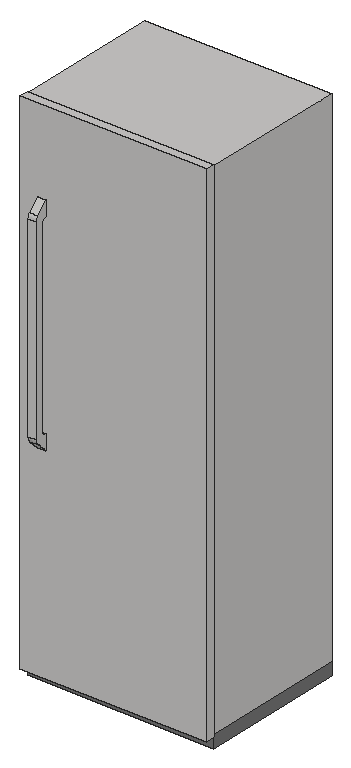
Revit family "DRR30980RAP", category Specialty Equipment, Revit 2014
Parameters (values of type "DRR30980RAP")
  iQ RemoteView™ Camera = "Yes (2 ea)"
  Width = 29 3/4"
  Volts (V) = "115"
  Unit = Stainless Steel
  Total Unit Gross Capacity (cu.ft.) - AHAM = "17.8 cu. ft."
  Support = Plastic-Black
  Special Modes = "Sabbath Mode"
  Shelf Material = "Tempered, Metal Trim, Spill-Proof"
  Refrigerator Gross Capacity (cu.ft.) = "17.8 cu. ft."
  Refrigerator - Power Cool = "34°F (1°C)"
  Refrigerator = "34°F (1°C) to 44°F (7°C)"
  Push-To-Open™ Door Assist = "Yes"
  Precise Cooling = "Yes"
  Power Cord Length (in.) = "78 3/4\""
  Power Cool = "Yes"
  Plug Type = "120 V, 3 Prong"
  Panel Ready = "Yes"
  Model = "DRR30980RAP"
  Manufacturer = "Dacor"
  Lighting = "3DLighting™"
  Internal Water Dispenser = "Yes"
  Interior Material = "SteelCool™ Stainless Steel Interior"
  Height = 83 3/8"
  Handle = Stainless Steel
  Full Width Shelves = "4 ea"
  Full Extension Drawers at 90º Door Opening Angle = "Yes"
  FreshZone™ Drawer = "Yes - Cheese (37°F) / Cold Drinks (33°F) / Meat (29°F)"
  Frequency (Hz) = "60"
  ENERGY STAR® Qualified = "Yes"
  Door Swing = "Right"
  Door Open Alarm = "Yes"
  Door Bins = "4 ea"
  Door = Stainless Steel
  Description = "30-INCH REFRIGERATOR COLUMN, RIGHT-HINGE"
  Depth = 25"
  Deodorizing Filter = "Yes"
  Dedicated Evaporator & Compressor System = "Yes"
  Current (A) = "3"
  Crisper Drawers = "2 ea"
  Annual Energy Consumption = "280 kWy/year"
Reference planes (in)
  plane 1 "Center (Front/Back)": y = 0
  plane 2: z = 0
  plane 3 "Center (Left/Right)": x = 0
  plane 4: y = 12.5
  plane 5: y = -12.5
  plane 6: x = -14.875
  plane 7: x = 14.875
  plane 8: z = 83.375
  plane 9: z = 2
  plane 10: y = -14.375
  plane 11: y = -11
Forms (in)
  Extrusion 1, solid, material "Stainless Steel" <- "Unit"
    sketch origin (0, 0, 0) x (1, 0, 0) y (0, 1, 0)
      loop
        line (-14.875, -11) -> (-13.875, -11) -> (-13.875, 11.375) -> (13.875, 11.375) -> (13.875, -11) -> (14.875, -11) -> (14.875, 12.5) -> (-14.875, 12.5) -> (-14.875, -11)
    from 2 to 83.375
  Extrusion 2, solid, material "Stainless Steel" <- "Handle"
    sketch origin (0, 0, 0) x (1, 0, 0) y (0, 0, 1)
      loop
        line (-14.875, 1.57503) -> (14.875, 1.57503) -> (14.875, 83.5) -> (-14.875, 83.5) -> (-14.875, 1.57503)
    from 11 to 12.5
  Extrusion 3, solid, material "Plastic-Black" <- "Support"
    sketch origin (0, 0, 0) x (0, 1, 0) y (0, 0, 1)
      loop
        line (12.5, 2) -> (-11, 2) -> (-11, 0) -> (12.5, 0) -> (12.5, 2)
    from -14.875 to 14.875
  Extrusion 4, solid, material "Stainless Steel" <- "Unit"
    sketch origin (0, 0, 83.375) x (1, 0, 0) y (0, 1, 0)
      loop
        line (-13.875, 11.375) -> (-13.875, -11) -> (13.875, -11) -> (13.875, 11.375) -> (-13.875, 11.375)
    from 0 to -1.14126
  Extrusion 5, solid, material "Stainless Steel" <- "Handle"
    sketch origin (-0.5, 0, 0) x (0, 1, 0) y (0, 0, 1)
      loop
        line (-12.5, 70.125) -> (-14.08211, 68.54289)
        arc (-14.08211, 68.54289) -> (-14.29888, 68.21847) -> (-14.375, 67.83579) r 1
        line (-14.375, 67.83579) -> (-14.375, 64.9375) -> (-13.4375, 64.9375) -> (-13.4375, 67.1875) -> (-12.96875, 67.65625) -> (-12.5, 67.65625) -> (-12.5, 70.125)
    from -11.55491 to -10.21363
  Extrusion 6, solid, material "Stainless Steel" <- "Handle"
    sketch origin (-0.5, 0, 104.5) x (0, 1, 0) y (0, 0, 1)
      loop
        line (-12.5, -70.25) -> (-12.5, -67.78125) -> (-12.96875, -67.78125) -> (-13.4375, -67.3125) -> (-13.4375, -65.0625) -> (-14.375, -65.0625) -> (-14.375, -67.85723)
        arc (-14.375, -67.85723) -> (-14.27985, -68.33559) -> (-14.00888, -68.74112) r 1.25
        line (-14.00888, -68.74112) -> (-12.5, -70.25)
    from -11.55491 to -10.21363
  Extrusion 7, solid, material "Stainless Steel" <- "Handle"
    sketch origin (0.75, 0, 0) x (1, 0, 0) y (0, 1, 0)
      loop
        line (-12.80491, -13.4375) -> (-12.80491, -14.375) -> (-11.46363, -14.375) -> (-11.46363, -13.4375) -> (-12.80491, -13.4375)
    from 65.0625 to 39.4375
Cuts and joins
  joined: Extrusion 1, Extrusion 4
  joined: Extrusion 5, Extrusion 6, Extrusion 7
Dimensions and locks (in)
  equal spacing: plane 6, plane 3 "Center (Left/Right)", plane 7
  "Width": plane 6 to plane 7
  equal spacing: plane 4, plane 1 "Center (Front/Back)", plane 5
  "Depth": plane 4 to plane 5
  "Height": plane 8 to plane 2
  plane 9 to plane 2 = 2"
  plane 5 to plane 10 = 1 7/8"
  plane 11 to plane 5 = 1 1/2"
  Extrusion 3 to Extrusion 3 = 29 3/4"
  Extrusion 2 to Extrusion 3 = 25"
  cut or joined group of Extrusion 1, Extrusion 4 to Extrusion 3 = 83 3/8"
  aligned and locked: level to plane 2
  aligned and locked: Extrusion 3 to plane 6
  aligned and locked: plane 7 to Extrusion 3
  aligned and locked: plane 8 to Extrusion 1
Automatic sketch dimensions
  Extrusion 1 sketch curve to plane 6 = 0"
  Extrusion 1 sketch curve to plane 11 = 0"  (x2)
  Extrusion 1 sketch curve to plane 7 = 0"
  Extrusion 1 sketch curve to plane 4 = 0"
  Extrusion 1 sketch curve to Extrusion 1 sketch curve = 1"
  Extrusion 1 sketch curve to plane 7 = 1"
  Extrusion 1 sketch curve to plane 4 = 1 1/8"
  Extrusion 2 sketch curve to plane 6 = 0"
  Extrusion 2 sketch curve to plane 7 = 0"
  Extrusion 2 sketch curve to plane 9 = 0.42497"
  plane 8 to Extrusion 2 sketch curve = 1/8"
  Extrusion 3 sketch curve to plane 9 = 0"
  Extrusion 3 sketch curve to plane 11 = 0"
  Extrusion 3 sketch curve to level = 0"
  Extrusion 3 sketch curve to plane 4 = 0"
  Extrusion 1 to Extrusion 4 sketch curve = 0"  (x2)
  Extrusion 4 sketch curve to Extrusion 1 = 0"  (x2)
  Extrusion 5 sketch curve to plane 10 = 0"
  Extrusion 5 sketch curve to plane 5 = 0"
  Extrusion 5 sketch curve to plane 10 = 0.29289"
  Extrusion 5 sketch curve to plane 5 = 15/16"
  Extrusion 5 sketch curve to Extrusion 5 sketch curve = 1/16"
  Extrusion 5 sketch curve to Extrusion 5 sketch curve = 13/32"
  Extrusion 5 sketch curve to plane 8 = 18 7/16"
  Extrusion 5 sketch curve to Extrusion 5 sketch curve = 2 1/4"
  Extrusion 5 sketch curve to Extrusion 5 sketch curve = 15/32"
  Extrusion 5 sketch curve to Extrusion 5 sketch curve = 0.64829"
  Extrusion 5 sketch curve to Extrusion 5 sketch curve = 1.58211"
  Extrusion 6 sketch curve to plane 10 = 0"
  Extrusion 6 sketch curve to plane 5 = 0"
  Extrusion 6 sketch curve to plane 10 = 0.36612"
  Extrusion 6 sketch curve to plane 5 = 15/16"
  Extrusion 6 sketch curve to plane 5 = 5/8"
  Extrusion 6 sketch curve to Extrusion 6 sketch curve = 5/32"
  plane 9 to Extrusion 6 sketch curve = 32 1/4"
  Extrusion 6 sketch curve to Extrusion 6 sketch curve = 1.50888"
  Extrusion 6 sketch curve to Extrusion 6 sketch curve = 0.07598"
  Extrusion 6 sketch curve to Extrusion 6 sketch curve = 0.54473"
  Extrusion 6 sketch curve to Extrusion 6 sketch curve = 2 1/4"
  plane 10 to Extrusion 7 sketch curve = 0"
  plane 6 to Extrusion 7 sketch curve = 2.82009"
  Extrusion 7 sketch curve to Extrusion 7 sketch curve = 1.34127"
  Extrusion 7 sketch curve to plane 5 = 15/16"
